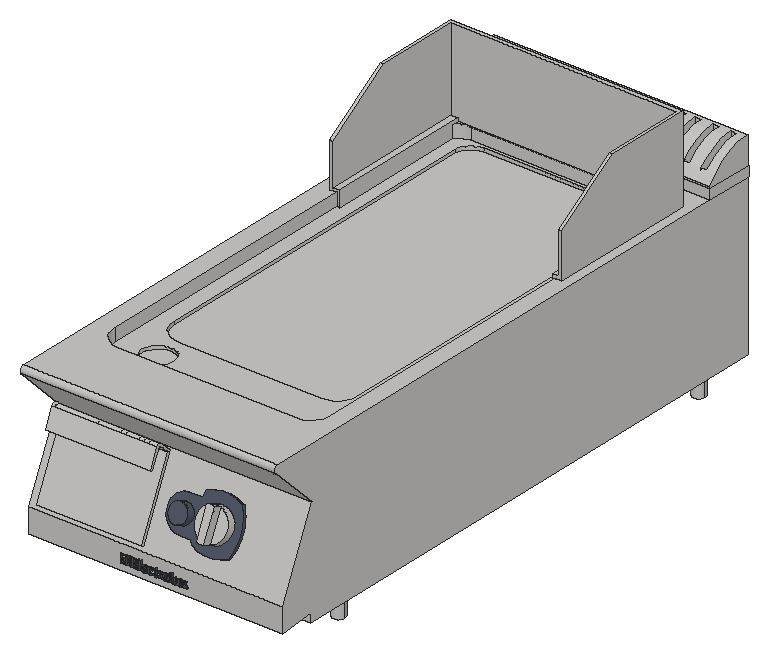
Revit family "QF_ELECTROLUXPROFESSIONAL_391053_E9FTGDCS00", category Specialty Equipment, Revit 2018 (continued)
Automatic sketch dimensions
  Extrusion 20 sketch curve to Extrusion 20 sketch curve = 9.296 mm
  Extrusion 20 sketch curve to plane 11 = 19.089 mm
  Extrusion 21 sketch curve to plane 7 "Center Y" = 9.346 mm
  Extrusion 21 sketch curve to Extrusion 21 sketch curve = 9.296 mm
  plane 1 "BACK" to Extrusion 21 sketch curve = 6.761 mm
  Extrusion 21 sketch curve to plane 11 = 19.089 mm
  plane 1 "BACK" to Extrusion 22 sketch curve = 6.761 mm
  plane 12 to Extrusion 22 sketch curve = 17.43 mm
  Extrusion 22 sketch curve to Extrusion 22 sketch curve = 9.296 mm
  Extrusion 22 sketch curve to plane 11 = 19.089 mm
  Extrusion 23 sketch curve to plane 12 = 10.559 mm
  Extrusion 23 sketch curve to plane 12 = 1.263 mm
  plane 1 "BACK" to Extrusion 23 sketch curve = 6.761 mm
  Extrusion 23 sketch curve to plane 11 = 19.089 mm
  plane 1 "BACK" to Extrusion 24 sketch curve = 6.761 mm
  plane 7 "Center Y" to Extrusion 24 sketch curve = 50.737 mm
  Extrusion 24 sketch curve to Extrusion 24 sketch curve = 9.296 mm
  Extrusion 24 sketch curve to plane 11 = 19.089 mm
  plane 1 "BACK" to Extrusion 25 sketch curve = 6.761 mm
  plane 12 to Extrusion 25 sketch curve = 69.275 mm
  Extrusion 25 sketch curve to Extrusion 25 sketch curve = 9.296 mm
  Extrusion 25 sketch curve to plane 11 = 19.089 mm
  plane 1 "BACK" to Extrusion 26 sketch curve = 6.761 mm
  plane 12 to Extrusion 26 sketch curve = 41.311 mm
  Extrusion 26 sketch curve to Extrusion 26 sketch curve = 9.296 mm
  Extrusion 26 sketch curve to plane 11 = 19.089 mm
  plane 1 "BACK" to Extrusion 27 sketch curve = 6.761 mm
  plane 7 "Center Y" to Extrusion 27 sketch curve = 22.749 mm
  Extrusion 27 sketch curve to Extrusion 27 sketch curve = 9.296 mm
  Extrusion 27 sketch curve to plane 11 = 19.089 mm
  Split face 1 sketch curve to Split face 1 sketch curve = 11.575 mm
  Split face 1 sketch curve to Split face 1 sketch curve = 2 mm
  Extrusion 30 sketch curve to Extrusion 2 = 0 mm  (x2)
  Extrusion 2 to Extrusion 30 sketch curve = 5 mm  (x2)
  Extrusion 2 to Extrusion 30 sketch curve = 15 mm
  Extrusion 30 sketch curve to Extrusion 30 sketch curve = 130 mm  (x2)
  Extrusion 2 to Extrusion 30 sketch curve = 20 mm
  Extrusion 30 sketch curve to Extrusion 2 = 19.6 mm  (x2)
  Extrusion 30 sketch curve to Extrusion 30 sketch curve = 5 mm  (x5)
  Extrusion 30 sketch curve to Extrusion 30 sketch curve = 15 mm
  Extrusion 31 sketch curve to Extrusion 30 = 0 mm  (x2)
  Extrusion 31 sketch curve to Extrusion 30 = 65 mm
  Extrusion 31 sketch curve to Extrusion 30 = 100.091 mm
  Extrusion 32 sketch curve to Extrusion 30 = 0 mm
  Extrusion 30 to Extrusion 32 sketch curve = 0 mm
  Extrusion 30 to Extrusion 32 sketch curve = 65 mm
  Extrusion 30 to Extrusion 32 sketch curve = 100.091 mm
  Extrusion 33 sketch curve to Extrusion 30 = 0 mm  (x4)
  plane 1 "BACK" to curve 16 = 0 mm
  plane 16 to curve 86 = 0 mm
  curve 81 to plane 12 = 0 mm
  plane 16 to curve 76 = 0 mm
  curve 11 to plane 3 "LEFT" = 0 mm
  curve 4 to plane 3 "LEFT" = 0 mm
  curve 66 to plane 12 = 1.263 mm
  curve 66 to curve 66 = 9.296 mm
  curve 86 to plane 12 = 22.05 mm
  curve 10 to plane 10 = 1.851 mm
  curve 10 to plane 4 "RIGHT" = 24.95 mm
  curve 70 to curve 65 = 18.693 mm
  curve 74 to plane 4 "RIGHT" = 14.95 mm
  curve 70 to curve 70 = 9.296 mm
  plane 4 "RIGHT" to curve 4 = 0.05 mm
  plane 4 "RIGHT" to curve 11 = 0.05 mm
  plane 4 "RIGHT" to curve 3 = 100.069 mm
  plane 12 to curve 9 = 3.686 mm
  plane 1 "BACK" to curve 64 = 6.761 mm
  plane 12 to curve 64 = 17.43 mm
  plane 12 to curve 79 = 25.4 mm
  curve 61 to curve 64 = 9.296 mm
  plane 12 to curve 82 = 30.736 mm
  plane 1 "BACK" to curve 60 = 6.761 mm
  curve 63 to curve 60 = 14.586 mm
  curve 57 to curve 59 = 9.296 mm
  plane 1 "BACK" to curve 56 = 6.761 mm
  curve 59 to curve 56 = 18.668 mm
  curve 53 to curve 55 = 9.296 mm
  plane 1 "BACK" to curve 52 = 6.761 mm
  curve 55 to curve 52 = 18.693 mm
  curve 49 to curve 51 = 9.296 mm
  plane 1 "BACK" to curve 48 = 6.761 mm
  curve 51 to curve 48 = 18.693 mm
  curve 45 to curve 48 = 9.296 mm
  curve 41 to plane 7 "Center Y" = 9.346 mm
  curve 41 to curve 43 = 9.296 mm
  curve 15 to plane 7 "Center Y" = 22.2 mm
  plane 1 "BACK" to curve 37 = 6.761 mm
  curve 43 to curve 37 = 18.693 mm
  curve 37 to curve 38 = 9.296 mm
  plane 1 "BACK" to curve 36 = 6.761 mm
  curve 39 to curve 36 = 18.693 mm
  curve 33 to curve 35 = 9.296 mm
  plane 1 "BACK" to curve 29 = 6.761 mm
  curve 35 to curve 29 = 18.693 mm
  curve 29 to curve 32 = 9.296 mm
  curve 83 to plane 10 = 56.115 mm
  plane 3 "LEFT" to curve 83 = 92.523 mm
  plane 3 "LEFT" to curve 78 = 80.4 mm
  curve 30 to curve 25 = 18.668 mm
  curve 25 to curve 27 = 9.296 mm
  plane 3 "LEFT" to curve 12 = 67.523 mm
  curve 78 to curve 85 = 25.4 mm
  plane 1 "BACK" to curve 21 = 6.761 mm
  curve 27 to curve 21 = 18.693 mm
  curve 21 to curve 23 = 9.296 mm
  plane 3 "LEFT" to curve 76 = 35 mm
  curve 8 to plane 10 = 8.638 mm
  plane 1 "BACK" to curve 17 = 6.761 mm
  curve 23 to curve 17 = 18.693 mm
  plane 3 "LEFT" to curve 73 = 20 mm
  curve 17 to curve 19 = 9.296 mm
  plane 5 "FRONT" to curve 13 = 0.25 mm
  curve 13 to curve 5 = 12.7 mm
  curve 1 to plane 3 "LEFT" = 100.019 mm
  curve 1 to plane 1 "BACK" = 100.019 mm
  plane 1 "BACK" to curve 68 = 6.761 mm
  plane 1 "BACK" to curve 69 = 6.761 mm
  plane 1 "BACK" to curve 44 = 6.761 mm
  plane 1 "BACK" to curve 25 = 6.761 mm
  curve 31 to plane 11 = 19.089 mm
  curve 33 to plane 11 = 19.089 mm
  curve 27 to plane 11 = 19.089 mm
  curve 37 to plane 11 = 19.089 mm
  curve 23 to plane 11 = 19.089 mm
  curve 41 to plane 11 = 19.089 mm
  curve 19 to plane 11 = 19.089 mm
  curve 45 to plane 11 = 19.089 mm
  curve 62 to plane 11 = 19.089 mm
  curve 49 to plane 11 = 19.089 mm
  curve 65 to plane 11 = 19.089 mm
  curve 65 to curve 71 = 0 mm
  curve 53 to plane 11 = 19.089 mm
  curve 57 to curve 62 = 0 mm
  curve 4 to plane 11 = 7.988 mm
  plane 11 to curve 74 = 27 mm
  plane 11 to curve 79 = 37.362 mm
  curve 15 to curve 15 = 114.75 mm
  curve 1 to plane 13 = 115 mm
  curve 3 to plane 13 = 115 mm
  curve 75 to curve 87 = 5 mm
  curve 89 to curve 73 = 5 mm
  curve 73 to curve 89 = 5 mm
  Extrusion 3 sketch curve to plane 10 = 1.851 mm
  Extrusion 3 sketch curve to plane 4 "RIGHT" = 24.95 mm
  Extrusion 3 sketch curve to plane 12 = 1.65 mm
  plane 12 to Extrusion 3 sketch curve = 3.686 mm
  Extrusion 3 sketch curve to plane 10 = 8.638 mm
  plane 3 "LEFT" to Extrusion 3 sketch curve = 67.523 mm
  Extrusion 3 sketch curve to Extrusion 3 sketch curve = 25.4 mm
  plane 11 to Extrusion 3 sketch curve = 57.4 mm
  curve 91 to plane 12 = 1.65 mm
  curve 92 to curve 88 = 20.4 mm
  curve 92 to curve 92 = 20.4 mm
  curve 74 to curve 86 = 5 mm
  curve 92 to curve 78 = 5.362 mm
  curve 91 to curve 86 = 0 mm
  curve 86 to curve 91 = 10.267 mm
  curve 88 to curve 92 = 10.267 mm
  Extrusion 28 sketch curve to Extrusion 3 = 5.362 mm
  Extrusion 28 sketch curve to Extrusion 28 sketch curve = 25.4 mm
  Extrusion 28 sketch curve to Extrusion 3 = 30.762 mm
  Extrusion 28 sketch curve to Extrusion 3 = 25 mm
  Extrusion 28 sketch curve to Extrusion 3 = 122.523 mm
  Extrusion 28 sketch curve to Extrusion 3 = 27.05 mm
  Extrusion 28 sketch curve to Extrusion 3 = 115.736 mm
  Extrusion 28 sketch curve to Extrusion 28 sketch curve = 37.523 mm
  Extrusion 28 sketch curve to Extrusion 28 sketch curve = 0.023 mm
  curve 93 to curve 94 = 0 mm  (x2)
  curve 94 to plane 7 "Center Y" = 107.5 mm
  curve 94 to plane 10 = 41 mm
  curve 94 to plane 10 = 16 mm
  radius of Extrusion 4 sketch curve = 9.525 mm  (x4)
  radius of Extrusion 6 sketch curve = 25.4 mm
  radius of Extrusion 7 sketch curve to Extrusion 6 = 0 mm  (x2)
  radius of Extrusion 11 sketch curve = 6.4 mm
  radius of Extrusion 29 sketch curve = 15 mm
  radius of Extrusion 28 sketch curve = 25 mm
Connectors
  piping at (348.05, -666, 6), diameter 12.8
    settings: on Extrusion 11, index 1, connector inside diameter 0.50394", connector length 0 mm, flow factor 0, pipe flow 0 GPM, pressure drop 0.00 psi, fitting loss kfactor 0, connector angle 0.00°, fixture units 0, engagement length 0 mm, angle of deflection 0.00°, flow configuration 1, flow direction 1, fitting loss method 0, system type 7, joint type 0, gender type 0, connector reference index -1, connector utility 0, adjustable connector no, is connector primary yes, connector description "GAS CONNECTION"
